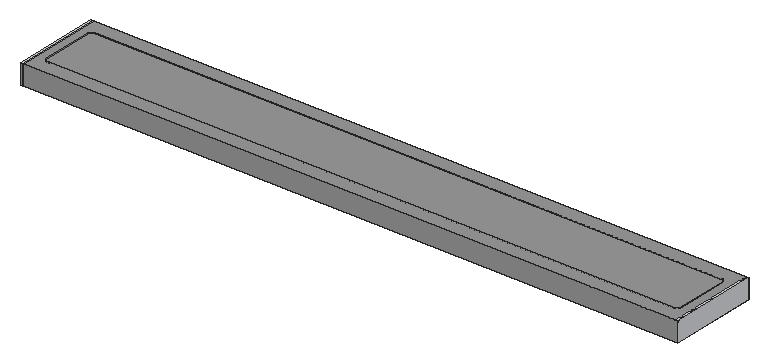
Revit family "2021704", category Lighting Fixtures, host Face, Revit 2018
Family settings
  Host = Face
  Round Connector Dimension = Use Diameter
  Part Type = Normal
  OmniClass Number = 23.80.70.00
  OmniClass Title = Lighting
  Cut with Voids When Loaded = No
  Light Source = Yes
  Shared = No
  Room Calculation Point = No
Parameters (values of type "2021704 OPTIX S 1500 MPO D 4K DA")
  spacer height = 5 mm
  spacer centres = 1000 mm
  lens width = 1135 mm
  full length = 1500 mm
  Width = 200 mm
  Weight = "n/a"
  Wattage Comments = ""
  Wattage = 9.2903 W
  WarrantyStartDate [instance] = "n/a"
  WarrantyGuarantorParts = "n/a"
  WarrantyDurationUnit = "n/a"
  WarrantyDurationParts = ""
  WarrantyDescription = "http://www.sylvania-lighting.com"
  built-in parameter 1150110 = 1 (stored number, unit not read)
  Voltage = 0 V
  URL = "1"
  TypeName = "OPTIX SURFACE 1500 MPO D 4000K DALI"
  Type Image = <None>
  Type Comments = "n/a"
  built-in parameter 1114217 = 1 (stored number, unit not read)
  Tilt Angle = 90.00°
  built-in parameter 1150109 = 1 (stored number, unit not read)
  built-in parameter 1150134 = 3
  built-in parameter 1150113 = 1 (stored number, unit not read)
  SerialNumber [instance] = "n/a"
  Photometric Web File = "2021704.ies"
  Material_3_FEILO = none
  PowerFactor = 0
  PowerConsumption = "Lighting"
  NominalLength = 200 mm
  NominalHeight = 0 mm
  NominalDepth = 0 mm
  Name = "OPTIX SURFACE 1500 MPO D 4000K DALI"
  ModelReference = Name  # "OPTIX SURFACE 1500 MPO D 4000K DALI"
  ModelNumber = "2021704"
  Model = Name  # "OPTIX SURFACE 1500 MPO D 4000K DALI"
  Material = "Feilo Sylvania"
  ManufacturerName = "121 lm/W"
  Manufacturer = ""
  LuminousEfficacy = ""
  built-in parameter 1150105 = 109.82 (stored number, unit not read)
  Lumens = 1380 lm
  LuminaireType = "0"
  built-in parameter 1150115 = 1 (stored number, unit not read)
  LightOutputRatio = "LED"
  built-in parameter 1150137 = (empty or 0)
  built-in parameter 1150139 = (empty or 0)
  Lens Width = 135 mm
  Length = 1188 mm
  LampsType = Lamp  # "n/a"
  LampNominalLuminous = "4000 K"
  LampMacAdamStep = "80"
  LampColourTemperature = "LED"
  LampColourRenderingIndex = "16500"
  built-in parameter 1150112 = 1 (stored number, unit not read)
  built-in parameter 1150114 = 1 (stored number, unit not read)
  Lamp = "n/a"
  Keynote = "n/a"
  InstallationDate [instance] = "n/a"
  InputVoltage = "0"
  InputNominalFrequency = "4000"
  built-in parameter 1150132 = (empty or 0)
  built-in parameter 1150102 = (empty or 0)
  built-in parameter 1150107 = 3200 (stored number, unit not read)
  built-in parameter 1150138 = (empty or 0)
  IngressProtection = "IfcLightFixtureType"
  ImpactProtectionIndex = "IfcLightFixtureType"
  built-in parameter 1150106 = 1.0982 (stored number, unit not read)
  IfcExportType = "IfcLightFixtureType"
  IfcExportAs = "Class I"
  Height = 50 mm
  ExpectedLife = 50000
  Emit from Circle Diameter = 609.6 mm
  Emit Shape Visible in Rendering = no
  ElectricShockClassification = "121"
  built-in parameter 1150104 = 13.8 (stored number, unit not read)
  DurationUnit = "hours"
  DocumentationLiterature = "http://www.sylvania-lighting.com/product/en-int/products/2021704"
  DimmingControlOptions = "n/a"
  Material_2_FEILO = none
  Dimming Lamp Color Temperature Shift = <None>
  Description = "OPTIX SURFACE 1500 MPO D 4000K DALI is a high efficacy low glare surface or suspended LED Linear luminaire with Micro Prismatic diffuser, with direct light distribution, luminaire dimensions: 1500x200x50mm, Sylvania White body colour (RAL9016), IP20, IK07, DALI Dimmable, low LED flicker (+/-5%), Neutral White (4000K) LED Colour Temperature, 4350lm luminous flux, 36W power consumption, 121lm/W system efficacy, CRI>80, SDCM 3 (3-step MacAdam ellipse) LED Colour Consistency, UGR<20, Luminance at 65° < 3000 cd/m2, lumen maintenance: L90B50 at 71000h, photobiological safety risk group 1. Electrical protection Class I."
  Default Elevation = 1219.2 mm
  CreatedOn = "31/01/2022"
  CreatedBy = "@sylvania-lighting.com"
  Cost = 0
  Color Filter = 16777215
  built-in parameter 1114216 [instance] = (empty or 0)
  ClassificationValue = "EF_70_80"
  ClassificationName = "Uniclass2015"
  Material_1_FEILO = none
  BarCode [instance] = "n/a"
  built-in parameter 1114218 = 1 (stored number, unit not read)
  built-in parameter 1150133 = 10 (stored number, unit not read)
  AssetType = "Fixed"
  AssetIdentifier [instance] = "n/a"
  Assembly Code = "D5020200"
  Apparent Load = 36 VA
  Material_4_FEILO = none
Reference planes
  plane 1 "Center (Front/Back)": y = 0
  plane 2: z = 0
  plane 3 "Center (Left/Right)": x = 0
  plane 4: z = 0
  plane 5: z = 50
  plane 6: y = 100
  plane 7: y = -100
  plane 8: x = -594
  plane 9: x = 594
  plane 10: z = 5
  plane 11: x = -500
  plane 12: x = 500
  plane 13: y = 10
  plane 14: y = -10
  plane 15: x = 487.5
  plane 16: x = 512.5
  plane 17: x = -512.5
  plane 18: x = -487.5
  plane 19: x = -567.5
  plane 20: x = 567.5
  plane 21: y = 67.5
  plane 22: y = -67.5
  plane 23: x = -557.5
  plane 24: y = 57.5
  plane 25: y = -57.5
  plane 26: x = 557.5
  plane 27: x = -750
  plane 28: x = 750
  plane 29: x = -700.314
  plane 30: x = 723.5
  plane 31: x = -671.814
  plane 32: x = 695
  plane 33: x = -744
  plane 34: x = 744
Forms (mm)
  Extrusion 1, solid, material "Aluminum 1100-H18", detail levels medium+fine
    sketch origin (4.2, 0, 0) x (1, 0, 0) y (0, 1, 0)
      loop
        line (-754.2, 100) -> (-754.2, -100) -> (745.8, -100) -> (745.8, 100) -> (-754.2, 100)
    from 5 to 50
  Extrusion 2, solid
    sketch origin (186.707, 0, 0) x (1, 0, 0) y (0, 1, 0)
      loop
        line (483.3, 10) -> (483.3, -10) -> (508.3, -10) -> (508.3, 10) -> (483.3, 10)
    from 0 to 5
  Extrusion 3, solid
    sketch origin (-155.18, 0, 0) x (1, 0, 0) y (0, 1, 0)
      loop
        line (-516.7, 10) -> (-516.7, -10) -> (-491.7, -10) -> (-491.7, 10) -> (-516.7, 10)
    from 0 to 5
  Extrusion 4, void, detail levels fine
    sketch origin (4.2, 0, 0) x (0, 1, 0) y (1, 0, 0)
      loop
        line (67.5, -717.7) -> (67.5, 709.3)
        arc (67.5, 709.3) -> (64.571, 716.371) -> (57.5, 719.3) r 10
        line (57.5, 719.3) -> (-57.5, 719.3)
        arc (-57.5, 719.3) -> (-64.571, 716.371) -> (-67.5, 709.3) r 10
        line (-67.5, 709.3) -> (-67.5, -717.7)
        arc (-67.5, -717.7) -> (-64.571, -724.771) -> (-57.5, -727.7) r 10
        line (-57.5, -727.7) -> (57.5, -727.7)
        arc (57.5, -727.7) -> (64.571, -724.771) -> (67.5, -717.7) r 10
    from -50 to -48
  Extrusion 5, solid, detail levels medium+fine
    sketch origin (4.2, 0, 0) x (1, 0, 0) y (0, 1, 0)
      loop
        line (-754.2, 100) -> (-754.2, -100) -> (-748.2, -100) -> (-748.2, 100) -> (-754.2, 100)
    from 5 to 50
  Extrusion 6, solid, detail levels medium+fine
    sketch origin (4.2, 0, 0) x (1, 0, 0) y (0, 1, 0)
      loop
        line (739.8, 100) -> (739.8, -100) -> (745.8, -100) -> (745.8, 100) -> (739.8, 100)
    from 5 to 50
  Extrusion 7, solid, material "Glass, White, High Luminance", detail levels fine
    sketch origin (4.2, 0, 0) x (1, 0, 0) y (0, 1, 0)
      loop
        arc (-717.7, 67.5) -> (-724.771, 64.571) -> (-727.7, 57.5) r 10
        line (-727.7, 57.5) -> (-727.7, -57.5)
        arc (-727.7, -57.5) -> (-724.771, -64.571) -> (-717.7, -67.5) r 10
        line (-717.7, -67.5) -> (709.3, -67.5)
        arc (709.3, -67.5) -> (716.371, -64.571) -> (719.3, -57.5) r 10
        line (719.3, -57.5) -> (719.3, 57.5)
        arc (719.3, 57.5) -> (716.371, 64.571) -> (709.3, 67.5) r 10
        line (709.3, 67.5) -> (-717.7, 67.5)
    from 48 to 49.5
  Extrusion 8, solid, detail levels coarse
    sketch origin (4.2, 0, 0) x (1, 0, 0) y (0, 1, 0)
      loop
        line (-754.2, 100) -> (-754.2, -100) -> (745.8, -100) -> (745.8, 100) -> (-754.2, 100)
    from 0 to 50
Cuts and joins
  Extrusion 4 cuts Extrusion 2
  Extrusion 4 cuts Extrusion 3
  Extrusion 4 cuts Extrusion 1
Dimensions and locks
  "Width": plane 6 to plane 7
  equal spacing: plane 6, plane 1 "Center (Front/Back)", plane 7
  "Length": plane 8 to plane 9
  equal spacing: plane 8, plane 3 "Center (Left/Right)", plane 9
  "spacer height": plane 10 to host face
  "Height": plane 5 to level
  "spacer centres": plane 11 to plane 12
  equal spacing: plane 11, plane 3 "Center (Left/Right)", plane 12
  "lens width": plane 19 to plane 20
  equal spacing: plane 19, plane 3 "Center (Left/Right)", plane 20
  "Lens Width": plane 21 to plane 22
  equal spacing: plane 21, plane 1 "Center (Front/Back)", plane 22
  "full length": plane 27 to plane 28
  equal spacing: plane 27, plane 3 "Center (Left/Right)", plane 28
  aligned and locked: plane 2 to host face
  aligned and locked: level to host face
Automatic sketch dimensions
  host sketch curve to host sketch curve = 2438.4 mm  (x2)
  Extrusion 1 sketch curve to plane 7 = 0 mm
  Extrusion 1 sketch curve to plane 8 = 156 mm
  plane 9 to Extrusion 1 sketch curve = 156 mm
  Extrusion 1 sketch curve to plane 6 = 0 mm
  Extrusion 2 sketch curve to plane 14 = 0 mm
  plane 15 to Extrusion 2 sketch curve = 182.507 mm
  plane 16 to Extrusion 2 sketch curve = 182.507 mm
  Extrusion 2 sketch curve to plane 13 = 0 mm
  Extrusion 3 sketch curve to plane 14 = 0 mm
  Extrusion 3 sketch curve to plane 17 = 159.38 mm
  Extrusion 3 sketch curve to plane 18 = 159.38 mm
  Extrusion 3 sketch curve to plane 13 = 0 mm
  Extrusion 4 sketch curve to plane 22 = 0 mm
  Extrusion 4 sketch curve to plane 19 = 156 mm
  Extrusion 4 sketch curve to plane 25 = 0 mm  (x2)
  plane 20 to Extrusion 4 sketch curve = 156 mm
  Extrusion 4 sketch curve to plane 24 = 0 mm  (x2)
  Extrusion 4 sketch curve to plane 23 = 156 mm
  Extrusion 5 sketch curve to plane 7 = 0 mm
  Extrusion 5 sketch curve to plane 27 = 0 mm
  Extrusion 5 sketch curve to plane 8 = 150 mm
  Extrusion 5 sketch curve to plane 6 = 0 mm
  Extrusion 6 sketch curve to plane 7 = 0 mm
  plane 9 to Extrusion 6 sketch curve = 150 mm
  Extrusion 6 sketch curve to plane 28 = 0 mm
  Extrusion 6 sketch curve to plane 6 = 0 mm
  Extrusion 7 sketch curve to plane 23 = 156 mm  (x2)
  Extrusion 7 sketch curve to plane 21 = 0 mm
  Extrusion 7 sketch curve to plane 22 = 0 mm
  plane 26 to Extrusion 7 sketch curve = 156 mm  (x2)
  plane 20 to Extrusion 7 sketch curve = 156 mm
  Extrusion 7 sketch curve to plane 24 = 0 mm
  Extrusion 8 sketch curve to plane 7 = 0 mm
  Extrusion 8 sketch curve to plane 27 = 0 mm
  Extrusion 8 sketch curve to plane 28 = 0 mm
  Extrusion 8 sketch curve to plane 6 = 0 mm
Connectors
  electrical at (0, 0, 0), driven by "Apparent Load", driven by "PowerFactor", driven by "Voltage"
    settings: index 1, voltage 0 V, apparent load 36 VA, apparent load phase1 0 VA, apparent load phase2 0 VA, apparent load phase3 0 VA, power factor 0, load classification "Lighting", number of poles 1, system type 30, power factor state 1, is connector primary yes, connector utility no, sub classification motor no, connector description ""
